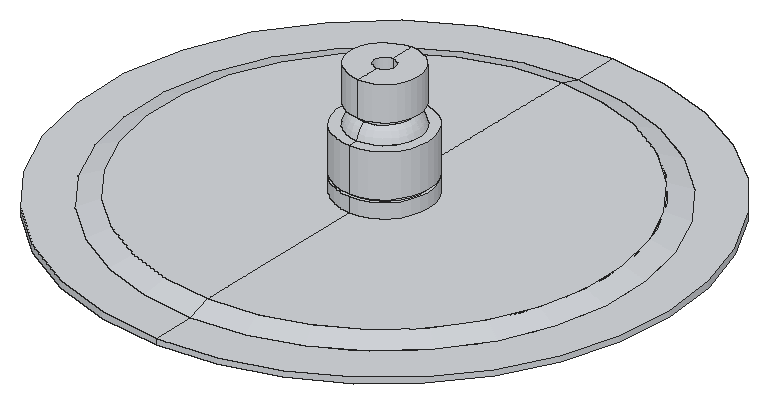
Revit family "BRG-GRF-DCH_ Briggs Reg. Red. Slim Inox Cr 20 cm", category Aparatos sanitarios, Revit 2020
Family settings
  Cota de conector redondo = Diámetro de uso
  Tipo de pieza = Normal
  Número OmniClass = 23.45.00.00
  Título OmniClass = Sanitary, Laundry, and Cleaning Equipment
  Se basa en plano de trabajo = No
  Siempre vertical = Sí
  Corte con vacíos al cargar = No
  Compartido = Sí
  Punto de cálculo de habitación = Sí
Parameters (values of type "REGADERA REDONDA SLIM 20 CM")
  _EDESA_ Sku/código = "SG0080013061CW"
  _EDESA_ Materiales = "Latón"
  _EDESA_ Garantía = "De por vida para el cuerpo principal y acabado en cromo (306)"
  _EDESA_ Cumple normativa ADA = ""
  _EDESA_ Contacto comercial = "(02) 395 2900"
  _EDESA_ Conexión hidráulica = "Entrada de agua: tubería ø 1/2\""
  _EDESA_ Certificación = "Cumple con norma NTE - INEN 3123 basada en la norma ASME 112.18.1 - 2012."
  _EDESA_ Productos necesarios para instalación = "Brazo de ducha"
  _EDESA_ Productos incluídos = ""
  _EDESA_ Color = "cromo"
  _EDESA_ Descripción = "Regadera de ducha"
  _EDESA_ Peso en kg = "1.8 kg"
  _EDESA_ Consumo/capacidad de agua en L = "9.5 litros por minuto / 2.5 gpm"
  _EDESA_ Distancia de instalación en cm (muro terminado) = "0"
  _EDESA_ Tipo de instalación = "Con brazo de ducha"
  _EDESA_ Profundidad en cm = "ø 20"
  _EDESA_ Categoría = "Productos > Grifería > Ducha"
  _EDESA_ BIM Manager = "Arq. Milton Ruano"
  _EDESA_ Autor BIM = "www.bimplus.com.ec (bimplus.arquitectura.integrada@gmail.com)"
  _EDESA_ Ancho en cm = ""
  _EDESA_ Alto en cm = "5.4"
  _EDESA_ Manual de Instalación = "https://www.briggs.com.ec/productos/instructivos/Briggs/Griferia/Regaderas_slim.pdf"
  _EDESA_ Nombre = "REGADERA REDONDA SLIM 20 CM"
  _ALT_Eje instalación = 0.60 m
  _ALT_Basamento = 0.85 m
  URL = "https://www.briggs.com.ec/productos/fichastecnicaspdf/Briggs/Griferia/Regadera_redonda_slim_20.pdf"
  Modelo = "REGADERA REDONDA SLIM 20 CM"
  Imagen de tipo = <Ninguno>
  Fabricante = "BRIGGS Ecuador"
  Elevación por defecto = 0.00 m
  Conexión de ventilación = yes
  Conexión de residuos = yes
  Conexión AF = yes
  Conexión AC = yes
Reference planes (m)
  plane 1 "Centro (Frontal/Posterior)": y = 0
  plane 2: z = 0
  plane 3 "Centro (Izquierda/Derecha)": x = 0
Dimensions and locks (m)
  aligned and locked: level to plane 2
  aligned and locked: plane 3 "Centro (Izquierda/Derecha)" to nested 1
  aligned and locked: plane 1 "Centro (Frontal/Posterior)" to nested 1
Nested families (m)
  nested 1: "REJILLA" at (0, 0, 0), type "REJILLA"
Connectors (m)
  piping at (0, 0, 0), diameter 0.0127
    settings: on nested 1, index 1, connector inside diameter 609.6 mm, connector length 0.00 m, flow factor 0, pipe flow 0.0 L/s, pressure drop 0.0 Pa, fitting loss kfactor 0, connector angle 0.00°, fixture units 0, engagement length 0.00 m, angle of deflection 0.00°, flow configuration 0, flow direction 1, fitting loss method 0, system type 7, joint type 0, gender type 0, connector reference index -1, connector utility 0, adjustable connector no, is connector primary yes, connector description ""
Definition of nested family "REJILLA"
  Parameters (values of type "REJILLA")
    _EDESA_tipo genérico = "Inodoro"
    _EDESA_URL de ficha técnica = "https://edesa.com.ec/productos/fichastecnicaspdf/Edesa/Sanitarios/Andes.pdf"
    _EDESA_Imagen = 0
    _EDESA_Fábrica nacional = "EDESA Ecuador"
    _EDESA_Código de producto = "JS0022641301CE"
    _EDESA_ Tolerancia dimensional = "± 3% > 20 cm ± 5% < 20 cm"
    _EDESA_ Tipo de montaje / instalación = "30.5 cm"
    _EDESA_ Superficie del agua = "15.5 cm x 18.8 cm"
    _EDESA_ SKU = "JS0022641301CE"
    _EDESA_ Material secundario = "Plástico blanco"
    _EDESA_ Material principal = "Porcelana tono verde mist"
    _EDESA_ Altura = 72.80 m
    _EDESA_ Peso = "23.20 Kg"
    _EDESA_ Nivel mínimo del agua del tanque = "17.5 cm"
    _EDESA_ Largo = 67.50 m
    _EDESA_ Espesor mínimo = "0.6 cm"
    _EDESA_ Diámetro trampa = "4.8 cm"
    _EDESA_ Color = "Blanco"
    _EDESA_ Categoria = "Two pieces"
    _EDESA_ Capacidad / consumo de agua = "4.8 litros"
    _EDESA_ Ancho = 36.50 m
    _EDESA_ Altura de sello = "N/A"
    _ALT_Toma = 0.60 m
    _ALT_Meson = 0.85 m
    URL = "https://edesa.com.ec/productos/fichastecnicaspdf/Edesa/Sanitarios/Andes.pdf"
    Model = "_Edesa_ INODORO ANDES C/A BLANCO"
    Type Image = element 394420
    Manufacturer = "EDESA Ecuador"
    Default Elevation = 0.00 m
    Vent Connection = no
    Waste Connection = no
    CW Connection = no
    HW Connection = no
  Reference planes (m)
    plane 1 "Centro (Frontal/Posterior)": y = 0
    plane 2: z = 0
    plane 3 "Centro (Izquierda/Derecha)": x = 0
    plane 4 "_Alt_Altura de Meson": z = 0.85
    plane 5 "Centro I/E": z = 0.946565
    plane 6 "_RP_Eje": z = 0.6
  Forms (m)
    Revolve 1, solid
      sketch origin (0, 0, 0) x (0, 1, 0) y (0, 0, 1)
        loop
          line (0, -0.0445) -> (0.1, -0.0445) -> (0.1, -0.0425) -> (0.085, -0.0425) -> (0.0775, -0.04) -> (0.0155, -0.04) -> (0.0155, -0.035) -> (0.014314, -0.035) -> (0.014314, -0.034) -> (0.0155, -0.034) -> (0.0155, -0.019) -> (0.012, -0.019)
          arc (0.012, -0.019) -> (0.010905, -0.016389) -> (0.00925, -0.014092) r 0.0125
          line (0.00925, -0.014092) -> (0.00925, -0.012) -> (0.01175, -0.012) -> (0.01175, 0) -> (0.0035, 0) -> (0.0035, -0.005) -> (0, -0.005) -> (0, -0.0445)
        axis (0, -0.0445) -> (0, 0)
      angle from 0 to 360
    SweptBlend 2, solid
      path origin (-0.034116, 0, 0) x (-1, 0, 0) y (0, 0, 1)
        loop
          line (-0.110116, -0.047486) -> (-0.110116, -0.0445)
      profile origin (0.076, 0, -0.047486) x (1, 0, 0) y (0, 1, 0)
        loop
          circle (0, 0) r 0.0015
      end profile origin (0.076, 0, -0.0445) x (1, 0, 0) y (0, 1, 0)
        loop
          circle (0, 0) r 0.0025
    SweptBlend 3, solid
      path origin (-0.032953, 0.00883, 0) x (-0.965926, 0.258819, 0) y (0, 0, 1)
        loop
          line (-0.110116, -0.047486) -> (-0.110116, -0.0445)
      profile origin (0.07341, -0.01967, -0.047486) x (0.965926, -0.258819, 0) y (0.258819, 0.965926, 0)
        loop
          circle (0, 0) r 0.0015
      end profile origin (0.07341, -0.01967, -0.0445) x (0.965926, -0.258819, 0) y (0.258819, 0.965926, 0)
        loop
          circle (0, 0) r 0.0025
    SweptBlend 4, solid
      path origin (-0.032953, -0.00883, 0) x (-0.965926, -0.258819, 0) y (0, 0, 1)
        loop
          line (-0.110116, -0.047486) -> (-0.110116, -0.0445)
      profile origin (0.07341, 0.01967, -0.047486) x (0.965926, 0.258819, 0) y (-0.258819, 0.965926, 0)
        loop
          circle (0, 0) r 0.0015
      end profile origin (0.07341, 0.01967, -0.0445) x (0.965926, 0.258819, 0) y (-0.258819, 0.965926, 0)
        loop
          circle (0, 0) r 0.0025
    SweptBlend 5, solid
      path origin (-0.029545, -0.017058, 0) x (-0.866025, -0.5, 0) y (0, 0, 1)
        loop
          line (-0.110116, -0.047486) -> (-0.110116, -0.0445)
      profile origin (0.065818, 0.038, -0.047486) x (0.866025, 0.5, 0) y (-0.5, 0.866025, 0)
        loop
          circle (0, 0) r 0.0015
      end profile origin (0.065818, 0.038, -0.0445) x (0.866025, 0.5, 0) y (-0.5, 0.866025, 0)
        loop
          circle (0, 0) r 0.0025
    SweptBlend 6, solid
      path origin (-0.024123, -0.024123, 0) x (-0.707107, -0.707107, 0) y (0, 0, 1)
        loop
          line (-0.110116, -0.047486) -> (-0.110116, -0.0445)
      profile origin (0.05374, 0.05374, -0.047486) x (0.707107, 0.707107, 0) y (-0.707107, 0.707107, 0)
        loop
          circle (0, 0) r 0.0015
      end profile origin (0.05374, 0.05374, -0.0445) x (0.707107, 0.707107, 0) y (-0.707107, 0.707107, 0)
        loop
          circle (0, 0) r 0.0025
    SweptBlend 7, solid
      path origin (-0.017058, -0.029545, 0) x (-0.5, -0.866025, 0) y (0, 0, 1)
        loop
          line (-0.110116, -0.047486) -> (-0.110116, -0.0445)
      profile origin (0.038, 0.065818, -0.047486) x (0.5, 0.866025, 0) y (-0.866025, 0.5, 0)
        loop
          circle (0, 0) r 0.0015
      end profile origin (0.038, 0.065818, -0.0445) x (0.5, 0.866025, 0) y (-0.866025, 0.5, 0)
        loop
          circle (0, 0) r 0.0025
    SweptBlend 8, solid
      path origin (-0.00883, -0.032953, 0) x (-0.258819, -0.965926, 0) y (0, 0, 1)
        loop
          line (-0.110116, -0.047486) -> (-0.110116, -0.0445)
      profile origin (0.01967, 0.07341, -0.047486) x (0.258819, 0.965926, 0) y (-0.965926, 0.258819, 0)
        loop
          circle (0, 0) r 0.0015
      end profile origin (0.01967, 0.07341, -0.0445) x (0.258819, 0.965926, 0) y (-0.965926, 0.258819, 0)
        loop
          circle (0, 0) r 0.0025
    SweptBlend 9, solid
      path origin (0, -0.034116, 0) x (0, -1, 0) y (0, 0, 1)
        loop
          line (-0.110116, -0.047486) -> (-0.110116, -0.0445)
      profile origin (0, 0.076, -0.047486) x (0, 1, 0) y (-1, 0, 0)
        loop
          circle (0, 0) r 0.0015
      end profile origin (0, 0.076, -0.0445) x (0, 1, 0) y (-1, 0, 0)
        loop
          circle (0, 0) r 0.0025
    SweptBlend 10, solid
      path origin (0.00883, -0.032953, 0) x (0.258819, -0.965926, 0) y (0, 0, 1)
        loop
          line (-0.110116, -0.047486) -> (-0.110116, -0.0445)
      profile origin (-0.01967, 0.07341, -0.047486) x (-0.258819, 0.965926, 0) y (-0.965926, -0.258819, 0)
        loop
          circle (0, 0) r 0.0015
      end profile origin (-0.01967, 0.07341, -0.0445) x (-0.258819, 0.965926, 0) y (-0.965926, -0.258819, 0)
        loop
          circle (0, 0) r 0.0025
    SweptBlend 11, solid
      path origin (0.017058, -0.029545, 0) x (0.5, -0.866025, 0) y (0, 0, 1)
        loop
          line (-0.110116, -0.047486) -> (-0.110116, -0.0445)
      profile origin (-0.038, 0.065818, -0.047486) x (-0.5, 0.866025, 0) y (-0.866025, -0.5, 0)
        loop
          circle (0, 0) r 0.0015
      end profile origin (-0.038, 0.065818, -0.0445) x (-0.5, 0.866025, 0) y (-0.866025, -0.5, 0)
        loop
          circle (0, 0) r 0.0025
    SweptBlend 12, solid
      path origin (0.024123, -0.024123, 0) x (0.707107, -0.707107, 0) y (0, 0, 1)
        loop
          line (-0.110116, -0.047486) -> (-0.110116, -0.0445)
      profile origin (-0.05374, 0.05374, -0.047486) x (-0.707107, 0.707107, 0) y (-0.707107, -0.707107, 0)
        loop
          circle (0, 0) r 0.0015
      end profile origin (-0.05374, 0.05374, -0.0445) x (-0.707107, 0.707107, 0) y (-0.707107, -0.707107, 0)
        loop
          circle (0, 0) r 0.0025
    SweptBlend 13, solid
      path origin (0.029545, -0.017058, 0) x (0.866025, -0.5, 0) y (0, 0, 1)
        loop
          line (-0.110116, -0.047486) -> (-0.110116, -0.0445)
      profile origin (-0.065818, 0.038, -0.047486) x (-0.866025, 0.5, 0) y (-0.5, -0.866025, 0)
        loop
          circle (0, 0) r 0.0015
      end profile origin (-0.065818, 0.038, -0.0445) x (-0.866025, 0.5, 0) y (-0.5, -0.866025, 0)
        loop
          circle (0, 0) r 0.0025
    SweptBlend 14, solid
      path origin (0.032953, -0.00883, 0) x (0.965926, -0.258819, 0) y (0, 0, 1)
        loop
          line (-0.110116, -0.047486) -> (-0.110116, -0.0445)
      profile origin (-0.07341, 0.01967, -0.047486) x (-0.965926, 0.258819, 0) y (-0.258819, -0.965926, 0)
        loop
          circle (0, 0) r 0.0015
      end profile origin (-0.07341, 0.01967, -0.0445) x (-0.965926, 0.258819, 0) y (-0.258819, -0.965926, 0)
        loop
          circle (0, 0) r 0.0025
    SweptBlend 15, solid
      path origin (0.034116, 0, 0) x (1, 0, 0) y (0, 0, 1)
        loop
          line (-0.110116, -0.047486) -> (-0.110116, -0.0445)
      profile origin (-0.076, 0, -0.047486) x (-1, 0, 0) y (0, -1, 0)
        loop
          circle (0, 0) r 0.0015
      end profile origin (-0.076, 0, -0.0445) x (-1, 0, 0) y (0, -1, 0)
        loop
          circle (0, 0) r 0.0025
    SweptBlend 16, solid
      path origin (0.032953, 0.00883, 0) x (0.965926, 0.258819, 0) y (0, 0, 1)
        loop
          line (-0.110116, -0.047486) -> (-0.110116, -0.0445)
      profile origin (-0.07341, -0.01967, -0.047486) x (-0.965926, -0.258819, 0) y (0.258819, -0.965926, 0)
        loop
          circle (0, 0) r 0.0015
      end profile origin (-0.07341, -0.01967, -0.0445) x (-0.965926, -0.258819, 0) y (0.258819, -0.965926, 0)
        loop
          circle (0, 0) r 0.0025
    SweptBlend 17, solid
      path origin (0.029545, 0.017058, 0) x (0.866025, 0.5, 0) y (0, 0, 1)
        loop
          line (-0.110116, -0.047486) -> (-0.110116, -0.0445)
      profile origin (-0.065818, -0.038, -0.047486) x (-0.866025, -0.5, 0) y (0.5, -0.866025, 0)
        loop
          circle (0, 0) r 0.0015
      end profile origin (-0.065818, -0.038, -0.0445) x (-0.866025, -0.5, 0) y (0.5, -0.866025, 0)
        loop
          circle (0, 0) r 0.0025
    SweptBlend 18, solid
      path origin (0.024123, 0.024123, 0) x (0.707107, 0.707107, 0) y (0, 0, 1)
        loop
          line (-0.110116, -0.047486) -> (-0.110116, -0.0445)
      profile origin (-0.05374, -0.05374, -0.047486) x (-0.707107, -0.707107, 0) y (0.707107, -0.707107, 0)
        loop
          circle (0, 0) r 0.0015
      end profile origin (-0.05374, -0.05374, -0.0445) x (-0.707107, -0.707107, 0) y (0.707107, -0.707107, 0)
        loop
          circle (0, 0) r 0.0025
    SweptBlend 19, solid
      path origin (0.017058, 0.029545, 0) x (0.5, 0.866025, 0) y (0, 0, 1)
        loop
          line (-0.110116, -0.047486) -> (-0.110116, -0.0445)
      profile origin (-0.038, -0.065818, -0.047486) x (-0.5, -0.866025, 0) y (0.866025, -0.5, 0)
        loop
          circle (0, 0) r 0.0015
      end profile origin (-0.038, -0.065818, -0.0445) x (-0.5, -0.866025, 0) y (0.866025, -0.5, 0)
        loop
          circle (0, 0) r 0.0025
    SweptBlend 20, solid
      path origin (0.00883, 0.032953, 0) x (0.258819, 0.965926, 0) y (0, 0, 1)
        loop
          line (-0.110116, -0.047486) -> (-0.110116, -0.0445)
      profile origin (-0.01967, -0.07341, -0.047486) x (-0.258819, -0.965926, 0) y (0.965926, -0.258819, 0)
        loop
          circle (0, 0) r 0.0015
      end profile origin (-0.01967, -0.07341, -0.0445) x (-0.258819, -0.965926, 0) y (0.965926, -0.258819, 0)
        loop
          circle (0, 0) r 0.0025
    SweptBlend 21, solid
      path origin (0, 0.034116, 0) x (0, 1, 0) y (0, 0, 1)
        loop
          line (-0.110116, -0.047486) -> (-0.110116, -0.0445)
      profile origin (0, -0.076, -0.047486) x (0, -1, 0) y (1, 0, 0)
        loop
          circle (0, 0) r 0.0015
      end profile origin (0, -0.076, -0.0445) x (0, -1, 0) y (1, 0, 0)
        loop
          circle (0, 0) r 0.0025
    SweptBlend 22, solid
      path origin (-0.00883, 0.032953, 0) x (-0.258819, 0.965926, 0) y (0, 0, 1)
        loop
          line (-0.110116, -0.047486) -> (-0.110116, -0.0445)
      profile origin (0.01967, -0.07341, -0.047486) x (0.258819, -0.965926, 0) y (0.965926, 0.258819, 0)
        loop
          circle (0, 0) r 0.0015
      end profile origin (0.01967, -0.07341, -0.0445) x (0.258819, -0.965926, 0) y (0.965926, 0.258819, 0)
        loop
          circle (0, 0) r 0.0025
    SweptBlend 23, solid
      path origin (-0.017058, 0.029545, 0) x (-0.5, 0.866025, 0) y (0, 0, 1)
        loop
          line (-0.110116, -0.047486) -> (-0.110116, -0.0445)
      profile origin (0.038, -0.065818, -0.047486) x (0.5, -0.866025, 0) y (0.866025, 0.5, 0)
        loop
          circle (0, 0) r 0.0015
      end profile origin (0.038, -0.065818, -0.0445) x (0.5, -0.866025, 0) y (0.866025, 0.5, 0)
        loop
          circle (0, 0) r 0.0025
    SweptBlend 24, solid
      path origin (-0.024123, 0.024123, 0) x (-0.707107, 0.707107, 0) y (0, 0, 1)
        loop
          line (-0.110116, -0.047486) -> (-0.110116, -0.0445)
      profile origin (0.05374, -0.05374, -0.047486) x (0.707107, -0.707107, 0) y (0.707107, 0.707107, 0)
        loop
          circle (0, 0) r 0.0015
      end profile origin (0.05374, -0.05374, -0.0445) x (0.707107, -0.707107, 0) y (0.707107, 0.707107, 0)
        loop
          circle (0, 0) r 0.0025
    SweptBlend 25, solid
      path origin (-0.029545, 0.017058, 0) x (-0.866025, 0.5, 0) y (0, 0, 1)
        loop
          line (-0.110116, -0.047486) -> (-0.110116, -0.0445)
      profile origin (0.065818, -0.038, -0.047486) x (0.866025, -0.5, 0) y (0.5, 0.866025, 0)
        loop
          circle (0, 0) r 0.0015
      end profile origin (0.065818, -0.038, -0.0445) x (0.866025, -0.5, 0) y (0.5, 0.866025, 0)
        loop
          circle (0, 0) r 0.0025
    SweptBlend 26, solid
      path origin (-0.068116, 0, 0) x (-1, 0, 0) y (0, 0, 1)
        loop
          line (-0.110116, -0.047486) -> (-0.110116, -0.0445)
      profile origin (0.042, 0, -0.047486) x (1, 0, 0) y (0, 1, 0)
        loop
          circle (0, 0) r 0.0015
      end profile origin (0.042, 0, -0.0445) x (1, 0, 0) y (0, 1, 0)
        loop
          circle (0, 0) r 0.0025
    SweptBlend 27, solid
      path origin (-0.05899, 0.034058, 0) x (-0.866025, 0.5, 0) y (0, 0, 1)
        loop
          line (-0.110116, -0.047486) -> (-0.110116, -0.0445)
      profile origin (0.036373, -0.021, -0.047486) x (0.866025, -0.5, 0) y (0.5, 0.866025, 0)
        loop
          circle (0, 0) r 0.0015
      end profile origin (0.036373, -0.021, -0.0445) x (0.866025, -0.5, 0) y (0.5, 0.866025, 0)
        loop
          circle (0, 0) r 0.0025
    SweptBlend 28, solid
      path origin (-0.05899, -0.034058, 0) x (-0.866025, -0.5, 0) y (0, 0, 1)
        loop
          line (-0.110116, -0.047486) -> (-0.110116, -0.0445)
      profile origin (0.036373, 0.021, -0.047486) x (0.866025, 0.5, 0) y (-0.5, 0.866025, 0)
        loop
          circle (0, 0) r 0.0015
      end profile origin (0.036373, 0.021, -0.0445) x (0.866025, 0.5, 0) y (-0.5, 0.866025, 0)
        loop
          circle (0, 0) r 0.0025
    SweptBlend 29, solid
      path origin (-0.034058, -0.05899, 0) x (-0.5, -0.866025, 0) y (0, 0, 1)
        loop
          line (-0.110116, -0.047486) -> (-0.110116, -0.0445)
      profile origin (0.021, 0.036373, -0.047486) x (0.5, 0.866025, 0) y (-0.866025, 0.5, 0)
        loop
          circle (0, 0) r 0.0015
      end profile origin (0.021, 0.036373, -0.0445) x (0.5, 0.866025, 0) y (-0.866025, 0.5, 0)
        loop
          circle (0, 0) r 0.0025
    SweptBlend 30, solid
      path origin (0, -0.068116, 0) x (0, -1, 0) y (0, 0, 1)
        loop
          line (-0.110116, -0.047486) -> (-0.110116, -0.0445)
      profile origin (0, 0.042, -0.047486) x (0, 1, 0) y (-1, 0, 0)
        loop
          circle (0, 0) r 0.0015
      end profile origin (0, 0.042, -0.0445) x (0, 1, 0) y (-1, 0, 0)
        loop
          circle (0, 0) r 0.0025
    SweptBlend 31, solid
      path origin (0.034058, -0.05899, 0) x (0.5, -0.866025, 0) y (0, 0, 1)
        loop
          line (-0.110116, -0.047486) -> (-0.110116, -0.0445)
      profile origin (-0.021, 0.036373, -0.047486) x (-0.5, 0.866025, 0) y (-0.866025, -0.5, 0)
        loop
          circle (0, 0) r 0.0015
      end profile origin (-0.021, 0.036373, -0.0445) x (-0.5, 0.866025, 0) y (-0.866025, -0.5, 0)
        loop
          circle (0, 0) r 0.0025
    SweptBlend 32, solid
      path origin (0.05899, -0.034058, 0) x (0.866025, -0.5, 0) y (0, 0, 1)
        loop
          line (-0.110116, -0.047486) -> (-0.110116, -0.0445)
      profile origin (-0.036373, 0.021, -0.047486) x (-0.866025, 0.5, 0) y (-0.5, -0.866025, 0)
        loop
          circle (0, 0) r 0.0015
      end profile origin (-0.036373, 0.021, -0.0445) x (-0.866025, 0.5, 0) y (-0.5, -0.866025, 0)
        loop
          circle (0, 0) r 0.0025
    SweptBlend 33, solid
      path origin (0.068116, 0, 0) x (1, 0, 0) y (0, 0, 1)
        loop
          line (-0.110116, -0.047486) -> (-0.110116, -0.0445)
      profile origin (-0.042, 0, -0.047486) x (-1, 0, 0) y (0, -1, 0)
        loop
          circle (0, 0) r 0.0015
      end profile origin (-0.042, 0, -0.0445) x (-1, 0, 0) y (0, -1, 0)
        loop
          circle (0, 0) r 0.0025
    SweptBlend 34, solid
      path origin (0.05899, 0.034058, 0) x (0.866025, 0.5, 0) y (0, 0, 1)
        loop
          line (-0.110116, -0.047486) -> (-0.110116, -0.0445)
      profile origin (-0.036373, -0.021, -0.047486) x (-0.866025, -0.5, 0) y (0.5, -0.866025, 0)
        loop
          circle (0, 0) r 0.0015
      end profile origin (-0.036373, -0.021, -0.0445) x (-0.866025, -0.5, 0) y (0.5, -0.866025, 0)
        loop
          circle (0, 0) r 0.0025
    SweptBlend 35, solid
      path origin (0.034058, 0.05899, 0) x (0.5, 0.866025, 0) y (0, 0, 1)
        loop
          line (-0.110116, -0.047486) -> (-0.110116, -0.0445)
      profile origin (-0.021, -0.036373, -0.047486) x (-0.5, -0.866025, 0) y (0.866025, -0.5, 0)
        loop
          circle (0, 0) r 0.0015
      end profile origin (-0.021, -0.036373, -0.0445) x (-0.5, -0.866025, 0) y (0.866025, -0.5, 0)
        loop
          circle (0, 0) r 0.0025
    SweptBlend 36, solid
      path origin (0, 0.068116, 0) x (0, 1, 0) y (0, 0, 1)
        loop
          line (-0.110116, -0.047486) -> (-0.110116, -0.0445)
      profile origin (0, -0.042, -0.047486) x (0, -1, 0) y (1, 0, 0)
        loop
          circle (0, 0) r 0.0015
      end profile origin (0, -0.042, -0.0445) x (0, -1, 0) y (1, 0, 0)
        loop
          circle (0, 0) r 0.0025
    SweptBlend 37, solid
      path origin (-0.034058, 0.05899, 0) x (-0.5, 0.866025, 0) y (0, 0, 1)
        loop
          line (-0.110116, -0.047486) -> (-0.110116, -0.0445)
      profile origin (0.021, -0.036373, -0.047486) x (0.5, -0.866025, 0) y (0.866025, 0.5, 0)
        loop
          circle (0, 0) r 0.0015
      end profile origin (0.021, -0.036373, -0.0445) x (0.5, -0.866025, 0) y (0.866025, 0.5, 0)
        loop
          circle (0, 0) r 0.0025
    SweptBlend 38, solid
      path origin (-0.052012, 0.010245, 0) x (-1, 0, 0) y (0, 0, 1)
        loop
          line (-0.110116, -0.047486) -> (-0.110116, -0.0445)
      profile origin (0.058104, 0.010245, -0.047486) x (1, 0, 0) y (0, 1, 0)
        loop
          circle (0, 0) r 0.0015
      end profile origin (0.058104, 0.010245, -0.0445) x (1, 0, 0) y (0, 1, 0)
        loop
          circle (0, 0) r 0.0025
    SweptBlend 39, solid
      path origin (-0.0463, 0.025816, 0) x (-0.951057, 0.309017, 0) y (0, 0, 1)
        loop
          line (-0.110116, -0.047486) -> (-0.110116, -0.0445)
      profile origin (0.058426, -0.008211, -0.047486) x (0.951057, -0.309017, 0) y (0.309017, 0.951057, 0)
        loop
          circle (0, 0) r 0.0015
      end profile origin (0.058426, -0.008211, -0.0445) x (0.951057, -0.309017, 0) y (0.309017, 0.951057, 0)
        loop
          circle (0, 0) r 0.0025
    SweptBlend 40, solid
      path origin (-0.052632, -0.006329, 0) x (-0.951057, -0.309017, 0) y (0, 0, 1)
        loop
          line (-0.110116, -0.047486) -> (-0.110116, -0.0445)
      profile origin (0.052094, 0.027699, -0.047486) x (0.951057, 0.309017, 0) y (-0.309017, 0.951057, 0)
        loop
          circle (0, 0) r 0.0015
      end profile origin (0.052094, 0.027699, -0.0445) x (0.951057, 0.309017, 0) y (-0.309017, 0.951057, 0)
        loop
          circle (0, 0) r 0.0025
    SweptBlend 41, solid
      path origin (-0.048101, -0.022283, 0) x (-0.809017, -0.587785, 0) y (0, 0, 1)
        loop
          line (-0.110116, -0.047486) -> (-0.110116, -0.0445)
      profile origin (0.040985, 0.042441, -0.047486) x (0.809017, 0.587785, 0) y (-0.587785, 0.809017, 0)
        loop
          circle (0, 0) r 0.0015
      end profile origin (0.040985, 0.042441, -0.0445) x (0.809017, 0.587785, 0) y (-0.587785, 0.809017, 0)
        loop
          circle (0, 0) r 0.0025
    SweptBlend 42, solid
      path origin (-0.03886, -0.036056, 0) x (-0.587785, -0.809017, 0) y (0, 0, 1)
        loop
          line (-0.110116, -0.047486) -> (-0.110116, -0.0445)
      profile origin (0.025864, 0.053029, -0.047486) x (0.587785, 0.809017, 0) y (-0.809017, 0.587785, 0)
        loop
          circle (0, 0) r 0.0015
      end profile origin (0.025864, 0.053029, -0.0445) x (0.587785, 0.809017, 0) y (-0.809017, 0.587785, 0)
        loop
          circle (0, 0) r 0.0025
    SweptBlend 43, solid
      path origin (-0.025816, -0.0463, 0) x (-0.309017, -0.951057, 0) y (0, 0, 1)
        loop
          line (-0.110116, -0.047486) -> (-0.110116, -0.0445)
      profile origin (0.008211, 0.058426, -0.047486) x (0.309017, 0.951057, 0) y (-0.951057, 0.309017, 0)
        loop
          circle (0, 0) r 0.0015
      end profile origin (0.008211, 0.058426, -0.0445) x (0.309017, 0.951057, 0) y (-0.951057, 0.309017, 0)
        loop
          circle (0, 0) r 0.0025
    SweptBlend 44, solid
      path origin (-0.010245, -0.052012, 0) x (0, -1, 0) y (0, 0, 1)
        loop
          line (-0.110116, -0.047486) -> (-0.110116, -0.0445)
      profile origin (-0.010245, 0.058104, -0.047486) x (0, 1, 0) y (-1, 0, 0)
        loop
          circle (0, 0) r 0.0015
      end profile origin (-0.010245, 0.058104, -0.0445) x (0, 1, 0) y (-1, 0, 0)
        loop
          circle (0, 0) r 0.0025
    SweptBlend 45, solid
      path origin (0.006329, -0.052632, 0) x (0.309017, -0.951057, 0) y (0, 0, 1)
        loop
          line (-0.110116, -0.047486) -> (-0.110116, -0.0445)
      profile origin (-0.027699, 0.052094, -0.047486) x (-0.309017, 0.951057, 0) y (-0.951057, -0.309017, 0)
        loop
          circle (0, 0) r 0.0015
      end profile origin (-0.027699, 0.052094, -0.0445) x (-0.309017, 0.951057, 0) y (-0.951057, -0.309017, 0)
        loop
          circle (0, 0) r 0.0025
    SweptBlend 46, solid
      path origin (0.022283, -0.048101, 0) x (0.587785, -0.809017, 0) y (0, 0, 1)
        loop
          line (-0.110116, -0.047486) -> (-0.110116, -0.0445)
      profile origin (-0.042441, 0.040985, -0.047486) x (-0.587785, 0.809017, 0) y (-0.809017, -0.587785, 0)
        loop
          circle (0, 0) r 0.0015
      end profile origin (-0.042441, 0.040985, -0.0445) x (-0.587785, 0.809017, 0) y (-0.809017, -0.587785, 0)
        loop
          circle (0, 0) r 0.0025
    SweptBlend 47, solid
      path origin (0.036056, -0.03886, 0) x (0.809017, -0.587785, 0) y (0, 0, 1)
        loop
          line (-0.110116, -0.047486) -> (-0.110116, -0.0445)
      profile origin (-0.053029, 0.025864, -0.047486) x (-0.809017, 0.587785, 0) y (-0.587785, -0.809017, 0)
        loop
          circle (0, 0) r 0.0015
      end profile origin (-0.053029, 0.025864, -0.0445) x (-0.809017, 0.587785, 0) y (-0.587785, -0.809017, 0)
        loop
          circle (0, 0) r 0.0025
    SweptBlend 48, solid
      path origin (0.0463, -0.025816, 0) x (0.951057, -0.309017, 0) y (0, 0, 1)
        loop
          line (-0.110116, -0.047486) -> (-0.110116, -0.0445)
      profile origin (-0.058426, 0.008211, -0.047486) x (-0.951057, 0.309017, 0) y (-0.309017, -0.951057, 0)
        loop
          circle (0, 0) r 0.0015
      end profile origin (-0.058426, 0.008211, -0.0445) x (-0.951057, 0.309017, 0) y (-0.309017, -0.951057, 0)
        loop
          circle (0, 0) r 0.0025
    SweptBlend 49, solid
      path origin (0.052012, -0.010245, 0) x (1, 0, 0) y (0, 0, 1)
        loop
          line (-0.110116, -0.047486) -> (-0.110116, -0.0445)
      profile origin (-0.058104, -0.010245, -0.047486) x (-1, 0, 0) y (0, -1, 0)
        loop
          circle (0, 0) r 0.0015
      end profile origin (-0.058104, -0.010245, -0.0445) x (-1, 0, 0) y (0, -1, 0)
        loop
          circle (0, 0) r 0.0025
    SweptBlend 50, solid
      path origin (0.052632, 0.006329, 0) x (0.951057, 0.309017, 0) y (0, 0, 1)
        loop
          line (-0.110116, -0.047486) -> (-0.110116, -0.0445)
      profile origin (-0.052094, -0.027699, -0.047486) x (-0.951057, -0.309017, 0) y (0.309017, -0.951057, 0)
        loop
          circle (0, 0) r 0.0015
      end profile origin (-0.052094, -0.027699, -0.0445) x (-0.951057, -0.309017, 0) y (0.309017, -0.951057, 0)
        loop
          circle (0, 0) r 0.0025
    SweptBlend 51, solid
      path origin (0.048101, 0.022283, 0) x (0.809017, 0.587785, 0) y (0, 0, 1)
        loop
          line (-0.110116, -0.047486) -> (-0.110116, -0.0445)
      profile origin (-0.040985, -0.042441, -0.047486) x (-0.809017, -0.587785, 0) y (0.587785, -0.809017, 0)
        loop
          circle (0, 0) r 0.0015
      end profile origin (-0.040985, -0.042441, -0.0445) x (-0.809017, -0.587785, 0) y (0.587785, -0.809017, 0)
        loop
          circle (0, 0) r 0.0025
    SweptBlend 52, solid
      path origin (0.03886, 0.036056, 0) x (0.587785, 0.809017, 0) y (0, 0, 1)
        loop
          line (-0.110116, -0.047486) -> (-0.110116, -0.0445)
      profile origin (-0.025864, -0.053029, -0.047486) x (-0.587785, -0.809017, 0) y (0.809017, -0.587785, 0)
        loop
          circle (0, 0) r 0.0015
      end profile origin (-0.025864, -0.053029, -0.0445) x (-0.587785, -0.809017, 0) y (0.809017, -0.587785, 0)
        loop
          circle (0, 0) r 0.0025
    SweptBlend 53, solid
      path origin (0.025816, 0.0463, 0) x (0.309017, 0.951057, 0) y (0, 0, 1)
        loop
          line (-0.110116, -0.047486) -> (-0.110116, -0.0445)
      profile origin (-0.008211, -0.058426, -0.047486) x (-0.309017, -0.951057, 0) y (0.951057, -0.309017, 0)
        loop
          circle (0, 0) r 0.0015
      end profile origin (-0.008211, -0.058426, -0.0445) x (-0.309017, -0.951057, 0) y (0.951057, -0.309017, 0)
        loop
          circle (0, 0) r 0.0025
    SweptBlend 54, solid
      path origin (0.010245, 0.052012, 0) x (0, 1, 0) y (0, 0, 1)
        loop
          line (-0.110116, -0.047486) -> (-0.110116, -0.0445)
      profile origin (0.010245, -0.058104, -0.047486) x (0, -1, 0) y (1, 0, 0)
        loop
          circle (0, 0) r 0.0015
      end profile origin (0.010245, -0.058104, -0.0445) x (0, -1, 0) y (1, 0, 0)
        loop
          circle (0, 0) r 0.0025
    SweptBlend 55, solid
      path origin (-0.006329, 0.052632, 0) x (-0.309017, 0.951057, 0) y (0, 0, 1)
        loop
          line (-0.110116, -0.047486) -> (-0.110116, -0.0445)
      profile origin (0.027699, -0.052094, -0.047486) x (0.309017, -0.951057, 0) y (0.951057, 0.309017, 0)
        loop
          circle (0, 0) r 0.0015
      end profile origin (0.027699, -0.052094, -0.0445) x (0.309017, -0.951057, 0) y (0.951057, 0.309017, 0)
        loop
          circle (0, 0) r 0.0025
    SweptBlend 56, solid
      path origin (-0.022283, 0.048101, 0) x (-0.587785, 0.809017, 0) y (0, 0, 1)
        loop
          line (-0.110116, -0.047486) -> (-0.110116, -0.0445)
      profile origin (0.042441, -0.040985, -0.047486) x (0.587785, -0.809017, 0) y (0.809017, 0.587785, 0)
        loop
          circle (0, 0) r 0.0015
      end profile origin (0.042441, -0.040985, -0.0445) x (0.587785, -0.809017, 0) y (0.809017, 0.587785, 0)
        loop
          circle (0, 0) r 0.0025
    SweptBlend 57, solid
      path origin (-0.036056, 0.03886, 0) x (-0.809017, 0.587785, 0) y (0, 0, 1)
        loop
          line (-0.110116, -0.047486) -> (-0.110116, -0.0445)
      profile origin (0.053029, -0.025864, -0.047486) x (0.809017, -0.587785, 0) y (0.587785, 0.809017, 0)
        loop
          circle (0, 0) r 0.0015
      end profile origin (0.053029, -0.025864, -0.0445) x (0.809017, -0.587785, 0) y (0.587785, 0.809017, 0)
        loop
          circle (0, 0) r 0.0025
    SweptBlend 58, solid
      path origin (-0.083075, -0.021528, 0) x (-0.951057, -0.309017, 0) y (0, 0, 1)
        loop
          line (-0.110116, -0.047486) -> (-0.110116, -0.0445)
      profile origin (0.021651, 0.0125, -0.047486) x (0.951057, 0.309017, 0) y (-0.309017, 0.951057, 0)
        loop
          circle (0, 0) r 0.0015
      end profile origin (0.021651, 0.0125, -0.0445) x (0.951057, 0.309017, 0) y (-0.309017, 0.951057, 0)
        loop
          circle (0, 0) r 0.0025
    SweptBlend 59, solid
      path origin (-0.060181, 0.061182, 0) x (-0.743145, 0.669131, 0) y (0, 0, 1)
        loop
          line (-0.110116, -0.047486) -> (-0.110116, -0.0445)
      profile origin (0.021651, -0.0125, -0.047486) x (0.743145, -0.669131, 0) y (0.669131, 0.743145, 0)
        loop
          circle (0, 0) r 0.0015
      end profile origin (0.021651, -0.0125, -0.0445) x (0.743145, -0.669131, 0) y (0.669131, 0.743145, 0)
        loop
          circle (0, 0) r 0.0025
    SweptBlend 60, solid
      path origin (-0.022894, -0.082709, 0) x (-0.207912, -0.978148, 0) y (0, 0, 1)
        loop
          line (-0.110116, -0.047486) -> (-0.110116, -0.0445)
      profile origin (0, 0.025, -0.047486) x (0.207912, 0.978148, 0) y (-0.978148, 0.207912, 0)
        loop
          circle (0, 0) r 0.0015
      end profile origin (0, 0.025, -0.0445) x (0.207912, 0.978148, 0) y (-0.978148, 0.207912, 0)
        loop
          circle (0, 0) r 0.0025
    SweptBlend 61, solid
      path origin (0.060181, -0.061182, 0) x (0.743145, -0.669131, 0) y (0, 0, 1)
        loop
          line (-0.110116, -0.047486) -> (-0.110116, -0.0445)
      profile origin (-0.021651, 0.0125, -0.047486) x (-0.743145, 0.669131, 0) y (-0.669131, -0.743145, 0)
        loop
          circle (0, 0) r 0.0015
      end profile origin (-0.021651, 0.0125, -0.0445) x (-0.743145, 0.669131, 0) y (-0.669131, -0.743145, 0)
        loop
          circle (0, 0) r 0.0025
    SweptBlend 62, solid
      path origin (0.083075, 0.021528, 0) x (0.951057, 0.309017, 0) y (0, 0, 1)
        loop
          line (-0.110116, -0.047486) -> (-0.110116, -0.0445)
      profile origin (-0.021651, -0.0125, -0.047486) x (-0.951057, -0.309017, 0) y (0.309017, -0.951057, 0)
        loop
          circle (0, 0) r 0.0015
      end profile origin (-0.021651, -0.0125, -0.0445) x (-0.951057, -0.309017, 0) y (0.309017, -0.951057, 0)
        loop
          circle (0, 0) r 0.0025
    SweptBlend 63, solid
      path origin (0.022894, 0.082709, 0) x (0.207912, 0.978148, 0) y (0, 0, 1)
        loop
          line (-0.110116, -0.047486) -> (-0.110116, -0.0445)
      profile origin (0, -0.025, -0.047486) x (-0.207912, -0.978148, 0) y (0.978148, -0.207912, 0)
        loop
          circle (0, 0) r 0.0015
      end profile origin (0, -0.025, -0.0445) x (-0.207912, -0.978148, 0) y (0.978148, -0.207912, 0)
        loop
          circle (0, 0) r 0.0025
  Dimensions and locks (m)
    plane 4 "_Alt_Altura de Meson" to level = 0.85 m
    "_ALT_Toma": plane 6 "_RP_Eje" to plane 2
    "_ALT_Meson": plane 4 "_Alt_Altura de Meson" to plane 2
    aligned and locked: level to plane 2
  Automatic sketch dimensions
    SweptBlend 38 sketch curve to SweptBlend 38 sketch curve = 0.002986 m
    SweptBlend 38 sketch curve to profile plane = 0.00 m  (x4)
    SweptBlend 39 sketch curve to SweptBlend 39 sketch curve = 0.002986 m
    SweptBlend 39 sketch curve to profile plane = 0.00 m  (x4)
    SweptBlend 41 sketch curve to SweptBlend 41 sketch curve = 0.002986 m
    SweptBlend 41 sketch curve to profile plane = 0.00 m  (x4)
    SweptBlend 42 sketch curve to SweptBlend 42 sketch curve = 0.002986 m
    SweptBlend 42 sketch curve to profile plane = 0.00 m  (x4)
    SweptBlend 43 sketch curve to SweptBlend 43 sketch curve = 0.002986 m
    SweptBlend 43 sketch curve to profile plane = 0.00 m  (x4)
    SweptBlend 44 sketch curve to SweptBlend 44 sketch curve = 0.002986 m
    SweptBlend 44 sketch curve to profile plane = 0.00 m  (x4)
    SweptBlend 45 sketch curve to SweptBlend 45 sketch curve = 0.002986 m
    SweptBlend 45 sketch curve to profile plane = 0.00 m  (x4)
    SweptBlend 46 sketch curve to SweptBlend 46 sketch curve = 0.002986 m
    SweptBlend 46 sketch curve to profile plane = 0.00 m  (x4)
    SweptBlend 47 sketch curve to SweptBlend 47 sketch curve = 0.002986 m
    SweptBlend 47 sketch curve to profile plane = 0.00 m  (x4)
    SweptBlend 48 sketch curve to SweptBlend 48 sketch curve = 0.002986 m
    SweptBlend 48 sketch curve to profile plane = 0.00 m  (x4)
    SweptBlend 49 sketch curve to SweptBlend 49 sketch curve = 0.002986 m
    SweptBlend 49 sketch curve to profile plane = 0.00 m  (x4)
    SweptBlend 50 sketch curve to SweptBlend 50 sketch curve = 0.002986 m
    SweptBlend 50 sketch curve to profile plane = 0.00 m  (x4)
    SweptBlend 51 sketch curve to SweptBlend 51 sketch curve = 0.002986 m
    SweptBlend 51 sketch curve to profile plane = 0.00 m  (x4)
    SweptBlend 52 sketch curve to SweptBlend 52 sketch curve = 0.002986 m
    SweptBlend 52 sketch curve to profile plane = 0.00 m  (x4)
    SweptBlend 53 sketch curve to SweptBlend 53 sketch curve = 0.002986 m
    SweptBlend 53 sketch curve to profile plane = 0.00 m  (x4)
    SweptBlend 54 sketch curve to SweptBlend 54 sketch curve = 0.002986 m
    SweptBlend 54 sketch curve to profile plane = 0.00 m  (x4)
    SweptBlend 55 sketch curve to SweptBlend 55 sketch curve = 0.002986 m
    SweptBlend 55 sketch curve to profile plane = 0.00 m  (x4)
    SweptBlend 56 sketch curve to SweptBlend 56 sketch curve = 0.002986 m
    SweptBlend 56 sketch curve to profile plane = 0.00 m  (x4)
    SweptBlend 57 sketch curve to SweptBlend 57 sketch curve = 0.002986 m
    SweptBlend 57 sketch curve to profile plane = 0.00 m  (x4)
    Revolve 1 sketch curve to plane 1 "Centro (Frontal/Posterior)" = 0.00 m  (x3)
    Revolve 1 sketch curve to level = 0.00 m
    Revolve 1 sketch curve to plane 1 "Centro (Frontal/Posterior)" = 0.0035 m
    Revolve 1 sketch curve to Revolve 1 sketch curve = 0.00575 m
    Revolve 1 sketch curve to Revolve 1 sketch curve = 0.0025 m
    Revolve 1 sketch curve to Revolve 1 sketch curve = 0.00275 m
    Revolve 1 sketch curve to plane 1 "Centro (Frontal/Posterior)" = 0.014314 m
    Revolve 1 sketch curve to Revolve 1 sketch curve = 0.001186 m  (x2)
    Revolve 1 sketch curve to Revolve 1 sketch curve = 0.062 m
    Revolve 1 sketch curve to level = 0.0425 m
    Revolve 1 sketch curve to Revolve 1 sketch curve = 0.0075 m
    Revolve 1 sketch curve to Revolve 1 sketch curve = 0.015 m  (x2)
    Revolve 1 sketch curve to level = 0.0445 m
    Revolve 1 sketch curve to Revolve 1 sketch curve = 0.0045 m
    Revolve 1 sketch curve to Revolve 1 sketch curve = 0.005 m
    Revolve 1 sketch curve to Revolve 1 sketch curve = 0.001 m
    Revolve 1 sketch curve to Revolve 1 sketch curve = 0.0115 m
    Revolve 1 sketch curve to Revolve 1 sketch curve = 0.002092 m
    Revolve 1 sketch curve to level = 0.005 m
    level to Revolve 1 sketch curve = 0.115 m
    Revolve 1 sketch curve to Revolve 1 sketch curve = 0.05 m
    plane 3 "Centro (Izquierda/Derecha)" to SweptBlend 2 sketch curve = 0.076 m
    SweptBlend 2 sketch curve to level = 0.047486 m
    SweptBlend 2 sketch curve to SweptBlend 2 sketch curve = 0.002986 m
    SweptBlend 2 sketch curve to profile plane = 0.00 m  (x4)
    SweptBlend 3 sketch curve to level = 0.0445 m
    SweptBlend 3 sketch curve to SweptBlend 3 sketch curve = 0.002986 m
    SweptBlend 3 sketch curve to profile plane = 0.00 m  (x4)
    SweptBlend 4 sketch curve to level = 0.0445 m
    SweptBlend 4 sketch curve to SweptBlend 4 sketch curve = 0.002986 m
    profile plane to SweptBlend 4 sketch curve = 0.00 m  (x2)
    SweptBlend 4 sketch curve to profile plane = 0.00 m  (x2)
    SweptBlend 5 sketch curve to level = 0.0445 m
    SweptBlend 5 sketch curve to SweptBlend 5 sketch curve = 0.002986 m
    profile plane to SweptBlend 5 sketch curve = 0.00 m  (x2)
    SweptBlend 5 sketch curve to profile plane = 0.00 m  (x2)
    SweptBlend 6 sketch curve to level = 0.0445 m
    SweptBlend 6 sketch curve to SweptBlend 6 sketch curve = 0.002986 m
    profile plane to SweptBlend 6 sketch curve = 0.00 m  (x2)
    SweptBlend 6 sketch curve to profile plane = 0.00 m  (x2)
    SweptBlend 7 sketch curve to level = 0.0445 m
    SweptBlend 7 sketch curve to SweptBlend 7 sketch curve = 0.002986 m
    profile plane to SweptBlend 7 sketch curve = 0.00 m  (x2)
    SweptBlend 7 sketch curve to profile plane = 0.00 m  (x2)
    SweptBlend 8 sketch curve to level = 0.0445 m
    SweptBlend 8 sketch curve to SweptBlend 8 sketch curve = 0.002986 m
    profile plane to SweptBlend 8 sketch curve = 0.00 m  (x2)
    SweptBlend 8 sketch curve to profile plane = 0.00 m  (x2)
    SweptBlend 9 sketch curve to plane 1 "Centro (Frontal/Posterior)" = 0.076 m
    SweptBlend 9 sketch curve to level = 0.047486 m
    SweptBlend 9 sketch curve to SweptBlend 9 sketch curve = 0.002986 m
    profile plane to SweptBlend 9 sketch curve = 0.00 m  (x2)
    SweptBlend 9 sketch curve to profile plane = 0.00 m  (x2)
    SweptBlend 10 sketch curve to level = 0.0445 m
    SweptBlend 10 sketch curve to SweptBlend 10 sketch curve = 0.002986 m
    profile plane to SweptBlend 10 sketch curve = 0.00 m  (x4)
    SweptBlend 11 sketch curve to level = 0.0445 m
    SweptBlend 11 sketch curve to SweptBlend 11 sketch curve = 0.002986 m
    profile plane to SweptBlend 11 sketch curve = 0.00 m  (x4)
    SweptBlend 12 sketch curve to level = 0.0445 m
    SweptBlend 12 sketch curve to SweptBlend 12 sketch curve = 0.002986 m
    profile plane to SweptBlend 12 sketch curve = 0.00 m  (x4)
    SweptBlend 13 sketch curve to level = 0.0445 m
    SweptBlend 13 sketch curve to SweptBlend 13 sketch curve = 0.002986 m
    profile plane to SweptBlend 13 sketch curve = 0.00 m  (x4)
    SweptBlend 14 sketch curve to level = 0.0445 m
    SweptBlend 14 sketch curve to SweptBlend 14 sketch curve = 0.002986 m
    profile plane to SweptBlend 14 sketch curve = 0.00 m  (x4)
    SweptBlend 15 sketch curve to plane 3 "Centro (Izquierda/Derecha)" = 0.076 m
    SweptBlend 15 sketch curve to level = 0.047486 m
    SweptBlend 15 sketch curve to SweptBlend 15 sketch curve = 0.002986 m
    SweptBlend 15 sketch curve to profile plane = 0.00 m  (x2)
    profile plane to SweptBlend 15 sketch curve = 0.00 m  (x2)
    SweptBlend 16 sketch curve to level = 0.0445 m
    SweptBlend 16 sketch curve to SweptBlend 16 sketch curve = 0.002986 m
    SweptBlend 16 sketch curve to profile plane = 0.00 m  (x2)
    profile plane to SweptBlend 16 sketch curve = 0.00 m  (x2)
    SweptBlend 17 sketch curve to level = 0.0445 m
    SweptBlend 17 sketch curve to SweptBlend 17 sketch curve = 0.002986 m
    SweptBlend 17 sketch curve to profile plane = 0.00 m  (x2)
    profile plane to SweptBlend 17 sketch curve = 0.00 m  (x2)
    SweptBlend 18 sketch curve to level = 0.0445 m
    SweptBlend 18 sketch curve to SweptBlend 18 sketch curve = 0.002986 m
    SweptBlend 18 sketch curve to profile plane = 0.00 m  (x2)
    profile plane to SweptBlend 18 sketch curve = 0.00 m  (x2)
    SweptBlend 19 sketch curve to level = 0.0445 m
    SweptBlend 19 sketch curve to SweptBlend 19 sketch curve = 0.002986 m
    SweptBlend 19 sketch curve to profile plane = 0.00 m  (x2)
    profile plane to SweptBlend 19 sketch curve = 0.00 m  (x2)
    SweptBlend 20 sketch curve to level = 0.0445 m
    SweptBlend 20 sketch curve to SweptBlend 20 sketch curve = 0.002986 m
    SweptBlend 20 sketch curve to profile plane = 0.00 m  (x2)
    profile plane to SweptBlend 20 sketch curve = 0.00 m  (x2)
    plane 1 "Centro (Frontal/Posterior)" to SweptBlend 21 sketch curve = 0.076 m
    SweptBlend 21 sketch curve to level = 0.047486 m
    SweptBlend 21 sketch curve to SweptBlend 21 sketch curve = 0.002986 m
    SweptBlend 21 sketch curve to profile plane = 0.00 m  (x4)
    SweptBlend 22 sketch curve to level = 0.0445 m
    SweptBlend 22 sketch curve to SweptBlend 22 sketch curve = 0.002986 m
    SweptBlend 22 sketch curve to profile plane = 0.00 m  (x4)
    SweptBlend 23 sketch curve to level = 0.0445 m
    SweptBlend 23 sketch curve to SweptBlend 23 sketch curve = 0.002986 m
    SweptBlend 23 sketch curve to profile plane = 0.00 m  (x4)
    SweptBlend 24 sketch curve to level = 0.0445 m
    SweptBlend 24 sketch curve to SweptBlend 24 sketch curve = 0.002986 m
    SweptBlend 24 sketch curve to profile plane = 0.00 m  (x4)
    SweptBlend 25 sketch curve to level = 0.0445 m
    SweptBlend 25 sketch curve to SweptBlend 25 sketch curve = 0.002986 m
    SweptBlend 25 sketch curve to profile plane = 0.00 m  (x4)
    plane 3 "Centro (Izquierda/Derecha)" to SweptBlend 26 sketch curve = 0.042 m
    SweptBlend 26 sketch curve to level = 0.047486 m
    SweptBlend 26 sketch curve to SweptBlend 26 sketch curve = 0.002986 m
    SweptBlend 26 sketch curve to profile plane = 0.00 m  (x4)
    SweptBlend 27 sketch curve to level = 0.0445 m
    SweptBlend 27 sketch curve to SweptBlend 27 sketch curve = 0.002986 m
    SweptBlend 27 sketch curve to profile plane = 0.00 m  (x4)
    SweptBlend 28 sketch curve to level = 0.0445 m
    SweptBlend 28 sketch curve to SweptBlend 28 sketch curve = 0.002986 m
    profile plane to SweptBlend 28 sketch curve = 0.00 m  (x2)
    SweptBlend 28 sketch curve to profile plane = 0.00 m  (x2)
    SweptBlend 29 sketch curve to level = 0.0445 m
    SweptBlend 29 sketch curve to SweptBlend 29 sketch curve = 0.002986 m
    profile plane to SweptBlend 29 sketch curve = 0.00 m  (x2)
    SweptBlend 29 sketch curve to profile plane = 0.00 m  (x2)
    SweptBlend 30 sketch curve to plane 1 "Centro (Frontal/Posterior)" = 0.042 m
    SweptBlend 30 sketch curve to level = 0.047486 m
    SweptBlend 30 sketch curve to SweptBlend 30 sketch curve = 0.002986 m
    profile plane to SweptBlend 30 sketch curve = 0.00 m  (x2)
    SweptBlend 30 sketch curve to profile plane = 0.00 m  (x2)
    SweptBlend 31 sketch curve to level = 0.0445 m
    SweptBlend 31 sketch curve to SweptBlend 31 sketch curve = 0.002986 m
    profile plane to SweptBlend 31 sketch curve = 0.00 m  (x4)
    SweptBlend 32 sketch curve to level = 0.0445 m
    SweptBlend 32 sketch curve to SweptBlend 32 sketch curve = 0.002986 m
    profile plane to SweptBlend 32 sketch curve = 0.00 m  (x4)
    SweptBlend 33 sketch curve to plane 3 "Centro (Izquierda/Derecha)" = 0.042 m
    SweptBlend 33 sketch curve to level = 0.047486 m
    SweptBlend 33 sketch curve to SweptBlend 33 sketch curve = 0.002986 m
    SweptBlend 33 sketch curve to profile plane = 0.00 m  (x2)
    profile plane to SweptBlend 33 sketch curve = 0.00 m  (x2)
    SweptBlend 34 sketch curve to level = 0.0445 m
    SweptBlend 34 sketch curve to SweptBlend 34 sketch curve = 0.002986 m
    SweptBlend 34 sketch curve to profile plane = 0.00 m  (x2)
    profile plane to SweptBlend 34 sketch curve = 0.00 m  (x2)
    SweptBlend 35 sketch curve to level = 0.0445 m
    SweptBlend 35 sketch curve to SweptBlend 35 sketch curve = 0.002986 m
    SweptBlend 35 sketch curve to profile plane = 0.00 m  (x2)
    profile plane to SweptBlend 35 sketch curve = 0.00 m  (x2)
    plane 1 "Centro (Frontal/Posterior)" to SweptBlend 36 sketch curve = 0.042 m
    SweptBlend 36 sketch curve to level = 0.047486 m
    SweptBlend 36 sketch curve to SweptBlend 36 sketch curve = 0.002986 m
    SweptBlend 36 sketch curve to profile plane = 0.00 m  (x4)
    SweptBlend 37 sketch curve to level = 0.0445 m
    SweptBlend 37 sketch curve to SweptBlend 37 sketch curve = 0.002986 m
    SweptBlend 37 sketch curve to profile plane = 0.00 m  (x4)
    SweptBlend 40 sketch curve to level = 0.0445 m
    SweptBlend 40 sketch curve to SweptBlend 40 sketch curve = 0.002986 m
    profile plane to SweptBlend 40 sketch curve = 0.00 m  (x2)
    SweptBlend 40 sketch curve to profile plane = 0.00 m  (x2)
    SweptBlend 58 sketch curve to SweptBlend 58 sketch curve = 0.002986 m
    profile plane to SweptBlend 58 sketch curve = 0.00 m  (x2)
    SweptBlend 58 sketch curve to profile plane = 0.00 m  (x2)
    SweptBlend 59 sketch curve to SweptBlend 59 sketch curve = 0.002986 m
    profile plane to SweptBlend 59 sketch curve = 0.00 m  (x2)
    SweptBlend 59 sketch curve to profile plane = 0.00 m  (x2)
    SweptBlend 60 sketch curve to SweptBlend 60 sketch curve = 0.002986 m
    profile plane to SweptBlend 60 sketch curve = 0.00 m  (x2)
    SweptBlend 60 sketch curve to profile plane = 0.00 m  (x2)
    SweptBlend 61 sketch curve to SweptBlend 61 sketch curve = 0.002986 m
    profile plane to SweptBlend 61 sketch curve = 0.00 m  (x2)
    SweptBlend 61 sketch curve to profile plane = 0.00 m  (x2)
    SweptBlend 62 sketch curve to SweptBlend 62 sketch curve = 0.002986 m
    profile plane to SweptBlend 62 sketch curve = 0.00 m  (x2)
    SweptBlend 62 sketch curve to profile plane = 0.00 m  (x2)
    SweptBlend 63 sketch curve to SweptBlend 63 sketch curve = 0.002986 m
    profile plane to SweptBlend 63 sketch curve = 0.00 m  (x2)
    SweptBlend 63 sketch curve to profile plane = 0.00 m  (x2)
    radius of SweptBlend 38 sketch curve = 0.0015 m
    radius of SweptBlend 38 sketch curve = 0.0025 m
    radius of SweptBlend 39 sketch curve = 0.0015 m
    radius of SweptBlend 39 sketch curve = 0.0025 m
    radius of SweptBlend 41 sketch curve = 0.0015 m
    radius of SweptBlend 41 sketch curve = 0.0025 m
    radius of SweptBlend 42 sketch curve = 0.0015 m
    radius of SweptBlend 42 sketch curve = 0.0025 m
    radius of SweptBlend 43 sketch curve = 0.0015 m
    radius of SweptBlend 43 sketch curve = 0.0025 m
    radius of SweptBlend 44 sketch curve = 0.0015 m
    radius of SweptBlend 44 sketch curve = 0.0025 m
    radius of SweptBlend 45 sketch curve = 0.0015 m
    radius of SweptBlend 45 sketch curve = 0.0025 m
    radius of SweptBlend 46 sketch curve = 0.0015 m
    radius of SweptBlend 46 sketch curve = 0.0025 m
    radius of SweptBlend 47 sketch curve = 0.0015 m
    radius of SweptBlend 47 sketch curve = 0.0025 m
    radius of SweptBlend 48 sketch curve = 0.0015 m
    radius of SweptBlend 48 sketch curve = 0.0025 m
    radius of SweptBlend 49 sketch curve = 0.0015 m
    radius of SweptBlend 49 sketch curve = 0.0025 m
    radius of SweptBlend 50 sketch curve = 0.0015 m
    radius of SweptBlend 50 sketch curve = 0.0025 m
    radius of SweptBlend 51 sketch curve = 0.0015 m
    radius of SweptBlend 51 sketch curve = 0.0025 m
    radius of SweptBlend 52 sketch curve = 0.0015 m
    radius of SweptBlend 52 sketch curve = 0.0025 m
    radius of SweptBlend 53 sketch curve = 0.0015 m
    radius of SweptBlend 53 sketch curve = 0.0025 m
    radius of SweptBlend 54 sketch curve = 0.0015 m
    radius of SweptBlend 54 sketch curve = 0.0025 m
    radius of SweptBlend 55 sketch curve = 0.0015 m
    radius of SweptBlend 55 sketch curve = 0.0025 m
    radius of SweptBlend 56 sketch curve = 0.0015 m
    radius of SweptBlend 56 sketch curve = 0.0025 m
    radius of SweptBlend 57 sketch curve = 0.0015 m
    radius of SweptBlend 57 sketch curve = 0.0025 m
    radius of SweptBlend 2 sketch curve = 0.0015 m
    radius of SweptBlend 2 sketch curve = 0.0025 m
    radius of SweptBlend 3 sketch curve = 0.0015 m
    radius of SweptBlend 3 sketch curve = 0.0025 m
    radius of SweptBlend 4 sketch curve = 0.0015 m
    radius of SweptBlend 4 sketch curve = 0.0025 m
    radius of SweptBlend 5 sketch curve = 0.0015 m
    radius of SweptBlend 5 sketch curve = 0.0025 m
    radius of SweptBlend 6 sketch curve = 0.0015 m
    radius of SweptBlend 6 sketch curve = 0.0025 m
    radius of SweptBlend 7 sketch curve = 0.0015 m
    radius of SweptBlend 7 sketch curve = 0.0025 m
    radius of SweptBlend 8 sketch curve = 0.0015 m
    radius of SweptBlend 8 sketch curve = 0.0025 m
    radius of SweptBlend 9 sketch curve = 0.0015 m
    radius of SweptBlend 9 sketch curve = 0.0025 m
    radius of SweptBlend 10 sketch curve = 0.0015 m
    radius of SweptBlend 10 sketch curve = 0.0025 m
    radius of SweptBlend 11 sketch curve = 0.0015 m
    radius of SweptBlend 11 sketch curve = 0.0025 m
    radius of SweptBlend 12 sketch curve = 0.0015 m
    radius of SweptBlend 12 sketch curve = 0.0025 m
    radius of SweptBlend 13 sketch curve = 0.0015 m
    radius of SweptBlend 13 sketch curve = 0.0025 m
    radius of SweptBlend 14 sketch curve = 0.0015 m
    radius of SweptBlend 14 sketch curve = 0.0025 m
    radius of SweptBlend 15 sketch curve = 0.0015 m
    radius of SweptBlend 15 sketch curve = 0.0025 m
    radius of SweptBlend 16 sketch curve = 0.0015 m
    radius of SweptBlend 16 sketch curve = 0.0025 m
    radius of SweptBlend 17 sketch curve = 0.0015 m
    radius of SweptBlend 17 sketch curve = 0.0025 m
    radius of SweptBlend 18 sketch curve = 0.0015 m
    radius of SweptBlend 18 sketch curve = 0.0025 m
    radius of SweptBlend 19 sketch curve = 0.0015 m
    radius of SweptBlend 19 sketch curve = 0.0025 m
    radius of SweptBlend 20 sketch curve = 0.0015 m
    radius of SweptBlend 20 sketch curve = 0.0025 m
    radius of SweptBlend 21 sketch curve = 0.0015 m
    radius of SweptBlend 21 sketch curve = 0.0025 m
    radius of SweptBlend 22 sketch curve = 0.0015 m
    radius of SweptBlend 22 sketch curve = 0.0025 m
    radius of SweptBlend 23 sketch curve = 0.0015 m
    radius of SweptBlend 23 sketch curve = 0.0025 m
    radius of SweptBlend 24 sketch curve = 0.0015 m
    radius of SweptBlend 24 sketch curve = 0.0025 m
    radius of SweptBlend 25 sketch curve = 0.0015 m
    radius of SweptBlend 25 sketch curve = 0.0025 m
    radius of SweptBlend 26 sketch curve = 0.0015 m
    radius of SweptBlend 26 sketch curve = 0.0025 m
    radius of SweptBlend 27 sketch curve = 0.0015 m
    radius of SweptBlend 27 sketch curve = 0.0025 m
    radius of SweptBlend 28 sketch curve = 0.0015 m
    radius of SweptBlend 28 sketch curve = 0.0025 m
    radius of SweptBlend 29 sketch curve = 0.0015 m
    radius of SweptBlend 29 sketch curve = 0.0025 m
    radius of SweptBlend 30 sketch curve = 0.0015 m
    radius of SweptBlend 30 sketch curve = 0.0025 m
    radius of SweptBlend 31 sketch curve = 0.0015 m
    radius of SweptBlend 31 sketch curve = 0.0025 m
    radius of SweptBlend 32 sketch curve = 0.0015 m
    radius of SweptBlend 32 sketch curve = 0.0025 m
    radius of SweptBlend 33 sketch curve = 0.0015 m
    radius of SweptBlend 33 sketch curve = 0.0025 m
    radius of SweptBlend 34 sketch curve = 0.0015 m
    radius of SweptBlend 34 sketch curve = 0.0025 m
    radius of SweptBlend 35 sketch curve = 0.0015 m
    radius of SweptBlend 35 sketch curve = 0.0025 m
    radius of SweptBlend 36 sketch curve = 0.0015 m
    radius of SweptBlend 36 sketch curve = 0.0025 m
    radius of SweptBlend 37 sketch curve = 0.0015 m
    radius of SweptBlend 37 sketch curve = 0.0025 m
    radius of SweptBlend 40 sketch curve = 0.0015 m
    radius of SweptBlend 40 sketch curve = 0.0025 m
    radius of SweptBlend 58 sketch curve = 0.0015 m
    radius of SweptBlend 58 sketch curve = 0.0025 m
    radius of SweptBlend 59 sketch curve = 0.0015 m
    radius of SweptBlend 59 sketch curve = 0.0025 m
    radius of SweptBlend 60 sketch curve = 0.0015 m
    radius of SweptBlend 60 sketch curve = 0.0025 m
    radius of SweptBlend 61 sketch curve = 0.0015 m
    radius of SweptBlend 61 sketch curve = 0.0025 m
    radius of SweptBlend 62 sketch curve = 0.0015 m
    radius of SweptBlend 62 sketch curve = 0.0025 m
    radius of SweptBlend 63 sketch curve = 0.0015 m
    radius of SweptBlend 63 sketch curve = 0.0025 m
